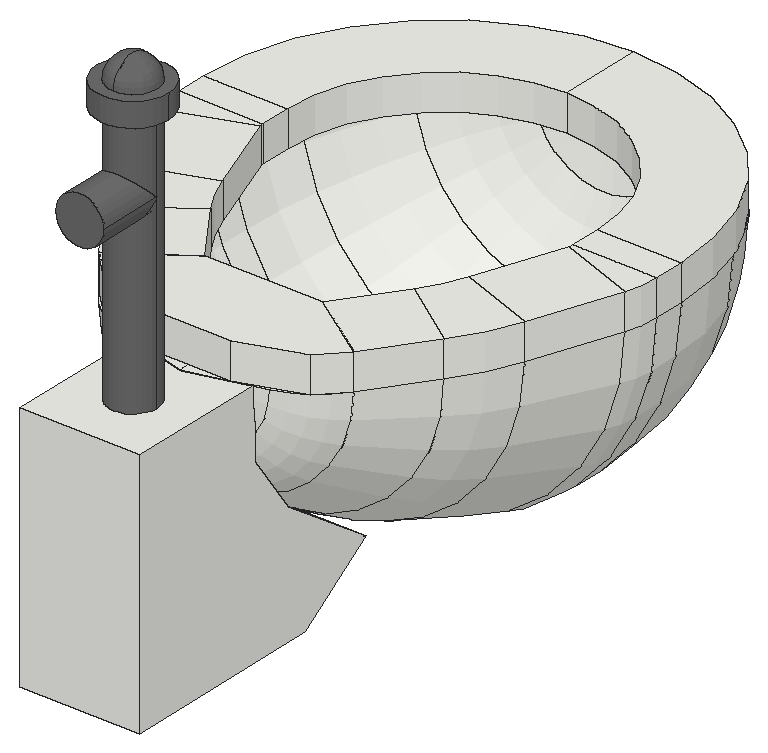
Revit family
Parameters (values of type "380mm Seat Height")
  Mounting Height = 380.00 mm
  Piping Material = Metal - Steel, Polished
  Bowl Material = Porcelain - Ivory
  Seat Material = Laminate - Ivory, Matte
Types (2, lengths in mm): name | Mounting Height
  380mm Seat Height | 380.00
  480mm Seat Height | 480.00
Reference planes
  plane 1: y = 0
  plane 2: x = 404.903
  plane 3: y = 75
  plane 4: y = 812.8
  plane 5: z = 341.9
  plane 6: y = 557.6
  plane 7: y = 303.6
  plane 8: z = 380
  plane 9: z = 646.7
  plane 10: y = 145.535
  plane 11: z = 76.2
Forms (mm)
  Extrusion 1, solid, material "Porcelain - Ivory" <- "Bowl Material"
    sketch origin (404.903, 0, 0) x (0, -1, 0) y (0, 0, 1)
      loop
        line (-75, 341.9) -> (-227.804, 341.9) -> (-227.804, 268.296) -> (-271.51, 205.877) -> (-375.543, 133.033) -> (-295.045, 76.2) -> (-75, 76.2) -> (-75, 341.9)
    from -63.5 to 63.5
  Extrusion 2, solid, material "Metal - Steel, Polished" <- "Piping Material"
    sketch origin (341.403, 75, 341.9) x (1, 0, 0) y (0, 1, 0)
      loop
        circle (63.5, 70.535) r 25.4
    from 0 to 279.4
  Extrusion 3, solid, material "Metal - Steel, Polished" <- "Piping Material"
    sketch origin (0, 75, 0) x (1, 0, 0) y (0, 0, 1)
      loop
        circle (404.903, 543.211) r 25.4
    from 0 to -70.644
  Extrusion 4, solid, material "Metal - Steel, Polished" <- "Piping Material"
    sketch origin (341.403, 75, 621.3) x (1, 0, 0) y (0, 1, 0)
      loop
        circle (63.5, 70.535) r 38.1
    from 0 to 25.4
  Revolve 5, solid, material "Metal - Steel, Polished" <- "Piping Material"
    sketch origin (404.903, 0, 0) x (0, -1, 0) y (0, 0, 1)
      loop
        line (-171.153, 646.7) -> (-145.535, 646.7) -> (-145.535, 672.318)
        arc (-145.535, 672.318) -> (-163.65, 664.814) -> (-171.153, 646.7) r 25.618
      axis (-145.535, 646.7) -> (-145.535, 672.318)
    angle from 0 to 360
  Revolve 6, solid, material "Porcelain - Ivory" <- "Bowl Material"
    sketch origin (0, 0, 341.9) x (1, 0, 0) y (0, 1, 0)
      loop
        line (404.903, 811.6) -> (404.903, 786.2)
        arc (404.903, 786.2) -> (444.599, 782.727) -> (483.089, 772.414) r 228.6
        arc (483.089, 772.414) -> (527.73, 750.399) -> (566.548, 719.245) r 228.6
        arc (566.548, 719.245) -> (597.702, 680.427) -> (619.717, 635.786) r 228.6
        arc (619.717, 635.786) -> (630.03, 597.296) -> (633.503, 557.6) r 228.6
        line (633.503, 557.6) -> (633.503, 524.715)
        arc (633.503, 524.715) -> (632.346, 511.483) -> (628.908, 498.653) r 76.2
        line (628.908, 498.653) -> (596.636, 409.986)
        arc (596.636, 409.986) -> (581.916, 376.534) -> (562.957, 345.289) r 279.4
        line (562.957, 345.289) -> (525.073, 291.186)
        arc (525.073, 291.186) -> (500.122, 266.235) -> (468.143, 251.323) r 101.6
        line (468.143, 251.323) -> (404.903, 234.378) -> (404.903, 208.082) -> (483.647, 229.181)
        arc (483.647, 229.181) -> (515.626, 244.093) -> (540.577, 269.044) r 101.6
        line (540.577, 269.044) -> (585.681, 333.459)
        arc (585.681, 333.459) -> (604.641, 364.704) -> (619.36, 398.156) r 279.4
        line (619.36, 398.156) -> (652.776, 489.966)
        arc (652.776, 489.966) -> (657.36, 507.072) -> (658.903, 524.715) r 101.6
        line (658.903, 524.715) -> (658.903, 557.6)
        arc (658.903, 557.6) -> (655.044, 601.707) -> (643.585, 644.473) r 254
        arc (643.585, 644.473) -> (619.125, 694.074) -> (584.508, 737.205) r 254
        arc (584.508, 737.205) -> (541.377, 771.821) -> (491.776, 796.282) r 254
        arc (491.776, 796.282) -> (449.01, 807.741) -> (404.903, 811.6) r 254
      axis (404.903, 208.082) -> (404.903, 811.6)
    angle from 0 to 180
  Sweep 7, solid, material "Laminate - Ivory, Matte" <- "Seat Material"
    path origin (0, 0, 341.9) x (1, 0, 0) y (0, 1, 0)
      loop
        line (540.577, 269.044) -> (585.681, 333.459)
        arc (585.681, 333.459) -> (604.641, 364.704) -> (619.36, 398.156) r 279.4
        line (619.36, 398.156) -> (652.776, 489.966)
        arc (652.776, 489.966) -> (657.36, 507.072) -> (658.903, 524.715) r 101.6
        line (658.903, 524.715) -> (658.903, 557.6)
        arc (658.903, 557.6) -> (584.508, 737.205) -> (404.903, 811.6) r 254
        arc (404.903, 811.6) -> (225.298, 737.205) -> (150.903, 557.6) r 254
        line (150.903, 557.6) -> (150.903, 524.715)
        arc (150.903, 524.715) -> (152.447, 507.072) -> (157.03, 489.966) r 101.6
        line (157.03, 489.966) -> (190.446, 398.156)
        arc (190.446, 398.156) -> (205.166, 364.704) -> (224.125, 333.459) r 279.4
        line (224.125, 333.459) -> (269.23, 269.044)
    profile origin (0, 541.157, 441.9) x (-1, 0, 0) y (0, 0, 1)
      loop
        line (-658.903, -100) -> (-570.003, -100) -> (-570.003, -61.9) -> (-658.903, -61.9) -> (-658.903, -100)
  Extrusion 8, solid, material "Laminate - Ivory, Matte" <- "Seat Material"
    sketch origin (404.903, 557.6, 380) x (1, 0, 0) y (0, 1, 0)
      loop
        line (-62.851, -237.565) -> (-135.674, -288.556) -> (-110.723, -313.507) -> (-44.661, -337.551) -> (44.661, -337.551) -> (110.723, -313.507) -> (135.674, -288.556) -> (62.851, -237.565) -> (-62.851, -237.565)
    from 0 to -38.1
Lines and regions (mm)
  Masking region 1
    outline origin (0, 0, 0) x (1, 0, 0) y (0, 1, 0)
      loop
        arc (404.903, 811.6) -> (225.298, 737.205) -> (150.903, 557.6) r 254
        line (150.903, 557.6) -> (150.903, 524.715)
        arc (150.903, 524.715) -> (152.447, 507.072) -> (157.03, 489.966) r 101.6
        line (157.03, 489.966) -> (190.446, 398.156)
        arc (190.446, 398.156) -> (205.166, 364.704) -> (224.125, 333.459) r 279.4
        line (224.125, 333.459) -> (269.23, 269.044)
        arc (269.23, 269.044) -> (300.702, 239.888) -> (341.403, 226.322) r 101.6
        line (341.403, 226.322) -> (341.403, 75) -> (468.403, 75) -> (468.403, 226.322)
        arc (468.403, 226.322) -> (509.104, 239.888) -> (540.577, 269.044) r 101.6
        line (540.577, 269.044) -> (585.681, 333.459)
        arc (585.681, 333.459) -> (604.641, 364.704) -> (619.36, 398.156) r 279.4
        line (619.36, 398.156) -> (652.776, 489.966)
        arc (652.776, 489.966) -> (657.36, 507.072) -> (658.903, 524.715) r 101.6
        line (658.903, 524.715) -> (658.903, 557.6)
        arc (658.903, 557.6) -> (584.508, 737.205) -> (404.903, 811.6) r 254
  symbolic lines
    curve 1: arc (404.903, 722.7, 0) -> (288.16, 674.343, 0) -> (239.803, 557.6, 0) r 165.1
    curve 2: arc (570.003, 557.6, 0) -> (521.646, 674.343, 0) -> (404.903, 722.7, 0) r 165.1
    curve 3: line (570.003, 557.6, 0) -> (570.003, 524.715, 0)
    curve 4: line (569.237, 520.371, 0) -> (535.821, 428.562, 0)
    curve 5: arc (512.858, 384.45, 0) -> (525.785, 405.754, 0) -> (535.821, 428.562, 0) r 190.5
    curve 6: line (512.858, 384.45, 0) -> (467.754, 320.035, 0)
    curve 7: line (239.803, 524.715, 0) -> (239.803, 557.6, 0)
    curve 8: line (273.985, 428.562, 0) -> (240.569, 520.371, 0)
    curve 9: arc (273.985, 428.562, 0) -> (284.021, 405.754, 0) -> (296.948, 384.45, 0) r 190.5
    curve 10: line (342.052, 320.035, 0) -> (296.948, 384.45, 0)
    curve 11: arc (443.003, 145.535, 0) -> (404.903, 183.635, 0) -> (366.803, 145.535, 0) r 38.1
    curve 12: arc (366.803, 145.535, 0) -> (404.903, 107.435, 0) -> (443.003, 145.535, 0) r 38.1
    curve 13: arc (379.503, 145.535, 0) -> (404.903, 120.135, 0) -> (430.303, 145.535, 0) r 25.4
    curve 14: arc (430.303, 145.535, 0) -> (404.903, 170.935, 0) -> (379.503, 145.535, 0) r 25.4
    curve 15: line (379.288, 75, 0) -> (379.288, 117.331, 0)
    curve 16: line (430.538, 75, 0) -> (430.538, 117.349, 0)
    curve 17: arc (341.403, 227.804, 0) -> (403.903, 220.047, 0) -> (466.403, 227.804, 0) r 255.662
    curve 18: line (342.052, 320.035, 0) -> (467.754, 320.035, 0)
Text (mm)
  text "Placement Side" at (0, 1019.848, 3124.603), in view "Right"
  text "Placement Side" at (0, 1206.291, 1554.205), in view "Left"
Dimensions and locks
  locked: plane 3 to plane 6 at 482.6
  locked: plane 3 to plane 7 at 228.6
  "Mounting Height": plane 8 to level
  locked: plane 8 to plane 5 at 38.1
  locked: plane 8 to plane 9 at 266.7
  locked: plane 3 to plane 10 at 70.535
  locked: plane 8 to plane 11 at 303.8
  aligned and locked: plane 3 to host wall
  aligned and locked: Masking region 1 sketch curve to Extrusion 1
  aligned and locked: Sweep 7 sketch curve to plane 8
  aligned and locked: plane 5 to Sweep 7 sketch curve
  aligned and locked: plane 5 to Extrusion 8
  aligned and locked: Extrusion 1 sketch curve to plane 11
Automatic sketch dimensions
  Extrusion 2 sketch curve to plane 2 = 0.00 mm
  Extrusion 2 sketch curve to Extrusion 2 sketch curve = 25.40 mm
  Extrusion 2 sketch curve to plane 3 = 70.535 mm
  Extrusion 3 sketch curve to plane 2 = 0.00 mm
  plane 2 to Extrusion 3 sketch curve = 25.40 mm
  Extrusion 3 sketch curve to plane 5 = 201.311 mm
  Extrusion 4 sketch curve to plane 2 = 0.00 mm
  Extrusion 4 sketch curve to Extrusion 4 sketch curve = 38.10 mm
  Extrusion 4 sketch curve to plane 3 = 70.535 mm
  Revolve 5 sketch curve to plane 9 = 0.00 mm
  Revolve 5 sketch curve to plane 10 = 0.00 mm  (x2)
  Revolve 5 sketch curve to Revolve 5 sketch curve = 25.618 mm
  Revolve 5 sketch curve to Revolve 5 sketch curve = 39.01 mm
  Revolve 5 sketch curve to Revolve 5 sketch curve = 25.40 mm
  Revolve 6 sketch curve to plane 2 = 0.00 mm  (x9)
  Revolve 6 sketch curve to plane 6 = 0.00 mm  (x8)
  plane 2 to Revolve 6 sketch curve = 48.093 mm
  Revolve 6 sketch curve to plane 2 = 36.944 mm
  Revolve 6 sketch curve to Revolve 6 sketch curve = 15.504 mm  (x3)
  Revolve 6 sketch curve to plane 2 = 63.24 mm
  Revolve 6 sketch curve to Revolve 6 sketch curve = 8.687 mm  (x2)
  plane 7 to Revolve 6 sketch curve = 12.414 mm
  Revolve 6 sketch curve to Revolve 6 sketch curve = 56.93 mm
  plane 7 to Revolve 6 sketch curve = 34.556 mm
  plane 6 to Revolve 6 sketch curve = 32.885 mm
  Revolve 6 sketch curve to Revolve 6 sketch curve = 101.60 mm
  Revolve 6 sketch curve to Revolve 6 sketch curve = 0.00 mm
  Revolve 6 sketch curve to Revolve 6 sketch curve = 37.884 mm
  Revolve 6 sketch curve to Revolve 6 sketch curve = 17.961 mm
  Revolve 6 sketch curve to plane 7 = 29.859 mm
  Revolve 6 sketch curve to Revolve 6 sketch curve = 22.724 mm  (x3)
  Revolve 6 sketch curve to plane 7 = 106.386 mm
  Revolve 6 sketch curve to Revolve 6 sketch curve = 33.679 mm
  Revolve 6 sketch curve to Revolve 6 sketch curve = 23.868 mm  (x2)
  Revolve 6 sketch curve to Revolve 6 sketch curve = 4.595 mm
  Revolve 6 sketch curve to Revolve 6 sketch curve = 39.863 mm
  Revolve 6 sketch curve to Revolve 6 sketch curve = 16.945 mm
  Revolve 6 sketch curve to Revolve 6 sketch curve = 22.142 mm
  Revolve 6 sketch curve to Revolve 6 sketch curve = 26.296 mm
  Revolve 6 sketch curve to Revolve 6 sketch curve = 78.186 mm
  Revolve 6 sketch curve to Revolve 6 sketch curve = 53.169 mm
  Revolve 6 sketch curve to Revolve 6 sketch curve = 105.21 mm
  Revolve 6 sketch curve to Revolve 6 sketch curve = 102.318 mm
  Revolve 6 sketch curve to Revolve 6 sketch curve = 39.332 mm
  plane 6 to Revolve 6 sketch curve = 159.444 mm
  Revolve 6 sketch curve to Revolve 6 sketch curve = 83.459 mm
  Revolve 6 sketch curve to Revolve 6 sketch curve = 29.995 mm
  Revolve 6 sketch curve to Revolve 6 sketch curve = 11.83 mm
  Sweep 7 sketch curve to plane 6 = 0.00 mm  (x2)
  Sweep 7 sketch curve to plane 2 = 0.00 mm
  plane 2 to Sweep 7 sketch curve = 48.093 mm
  plane 6 to Sweep 7 sketch curve = 32.885 mm  (x2)
  Sweep 7 sketch curve to Sweep 7 sketch curve = 104.307 mm
  Sweep 7 sketch curve to plane 7 = 29.859 mm  (x2)
  Sweep 7 sketch curve to Sweep 7 sketch curve = 45.104 mm  (x2)
  Sweep 7 sketch curve to Sweep 7 sketch curve = 33.679 mm  (x2)
  plane 6 to Sweep 7 sketch curve = 67.634 mm
  Sweep 7 sketch curve to Sweep 7 sketch curve = 33.416 mm
  Sweep 7 sketch curve to plane 2 = 48.093 mm
  Sweep 7 sketch curve to Sweep 7 sketch curve = 101.60 mm
  Sweep 7 sketch curve to Sweep 7 sketch curve = 6.127 mm
  Sweep 7 sketch curve to Sweep 7 sketch curve = 64.697 mm  (x2)
  plane 2 to Sweep 7 sketch curve = 180.778 mm
  plane 7 to Sweep 7 sketch curve = 34.556 mm  (x2)
  Sweep 7 sketch curve to plane 2 = 135.674 mm
  plane 7 to Extrusion 8 sketch curve = 34.556 mm  (x2)
  plane 2 to Extrusion 8 sketch curve = 135.674 mm
  Extrusion 8 sketch curve to Extrusion 8 sketch curve = 24.95 mm  (x4)
  Extrusion 8 sketch curve to plane 7 = 16.435 mm
  plane 2 to Extrusion 8 sketch curve = 62.851 mm
  plane 2 to Extrusion 8 sketch curve = 44.661 mm
  Extrusion 8 sketch curve to plane 2 = 44.661 mm
  Extrusion 8 sketch curve to plane 2 = 62.851 mm
  Extrusion 8 sketch curve to Extrusion 8 sketch curve = 66.062 mm
  Extrusion 8 sketch curve to Extrusion 8 sketch curve = 24.045 mm
  Masking region 1 sketch curve to Masking region 1 sketch curve = 0.00 mm
  Masking region 1 sketch curve to plane 6 = 0.00 mm
  Masking region 1 sketch curve to plane 2 = 0.00 mm
  plane 2 to Masking region 1 sketch curve = 48.093 mm
  Masking region 1 sketch curve to plane 7 = 23.719 mm  (x2)
  plane 2 to Masking region 1 sketch curve = 52.448 mm
  plane 2 to Masking region 1 sketch curve = 63.50 mm
  plane 6 to Masking region 1 sketch curve = 32.885 mm  (x2)
  Masking region 1 sketch curve to Masking region 1 sketch curve = 104.307 mm
  Masking region 1 sketch curve to plane 7 = 29.859 mm  (x2)
  Masking region 1 sketch curve to Masking region 1 sketch curve = 45.104 mm  (x2)
  Masking region 1 sketch curve to plane 7 = 94.556 mm
  Masking region 1 sketch curve to Masking region 1 sketch curve = 33.679 mm  (x2)
  Masking region 1 sketch curve to Masking region 1 sketch curve = 33.416 mm
  Masking region 1 sketch curve to Masking region 1 sketch curve = 6.127 mm
  Masking region 1 sketch curve to plane 2 = 48.093 mm
  Masking region 1 sketch curve to plane 2 = 52.448 mm
  Masking region 1 sketch curve to plane 2 = 63.50 mm
  plane 7 to Masking region 1 sketch curve = 34.556 mm
  Masking region 1 sketch curve to Masking region 1 sketch curve = 72.174 mm
  Masking region 1 sketch curve to Masking region 1 sketch curve = 101.60 mm
  plane 6 to Masking region 1 sketch curve = 67.634 mm
  Masking region 1 sketch curve to Masking region 1 sketch curve = 64.697 mm
  Masking region 1 sketch curve to Masking region 1 sketch curve = 128.33 mm
  plane 7 to Masking region 1 sketch curve = 77.278 mm
  curve 1 to curve 2 = 0.00 mm
  curve 11 to curve 13 = 0.00 mm
  curve 12 to curve 14 = 0.00 mm
  curve 7 to plane 6 = 0.00 mm
  curve 15 to host wall = 0.00 mm
  curve 14 to plane 2 = 0.00 mm
  curve 2 to plane 2 = 0.00 mm
  curve 16 to host wall = 0.00 mm
  plane 2 to curve 17 = 1.00 mm
  plane 2 to curve 13 = 25.40 mm
  plane 2 to curve 15 = 25.615 mm
  curve 11 to curve 13 = 12.70 mm
  plane 2 to curve 5 = 48.093 mm
  curve 10 to plane 7 = 16.435 mm
  plane 2 to curve 10 = 62.851 mm
  plane 2 to curve 17 = 63.50 mm
  curve 9 to curve 18 = 45.104 mm
  curve 8 to curve 10 = 22.963 mm
  plane 6 to curve 8 = 37.229 mm
  curve 8 to curve 8 = 33.416 mm
  curve 1 to curve 8 = 0.766 mm
  curve 16 to plane 2 = 25.635 mm
  curve 9 to plane 2 = 48.093 mm
  curve 17 to plane 2 = 61.50 mm
  curve 6 to plane 2 = 62.851 mm
  curve 6 to curve 5 = 45.104 mm
  curve 5 to curve 4 = 22.963 mm
  plane 6 to curve 4 = 37.229 mm
  curve 4 to curve 3 = 0.766 mm
  curve 15 to curve 15 = 42.331 mm
  plane 7 to curve 17 = 75.796 mm
  curve 18 to curve 9 = 64.416 mm
  curve 6 to curve 6 = 64.416 mm
  curve 10 to curve 8 = 44.111 mm
  curve 5 to curve 4 = 44.111 mm
  curve 17 to curve 5 = 18.008 mm
  curve 4 to curve 3 = 4.344 mm
  curve 8 to curve 7 = 4.344 mm
  Sweep 7 sketch curve to profile plane = 0.00 mm
  Sweep 7 sketch curve to profile plane = 88.90 mm
  Extrusion 1 sketch curve to plane 5 = 0.00 mm
  Extrusion 1 sketch curve to host wall = 0.00 mm
  plane 7 to Extrusion 1 sketch curve = 75.796 mm
  plane 7 to Extrusion 1 sketch curve = 32.09 mm
  plane 7 to Extrusion 1 sketch curve = 8.555 mm
  Extrusion 1 sketch curve to plane 7 = 71.943 mm
  plane 11 to Extrusion 1 sketch curve = 56.833 mm
  Extrusion 1 sketch curve to Extrusion 1 sketch curve = 72.844 mm
  plane 5 to Extrusion 1 sketch curve = 73.604 mm
